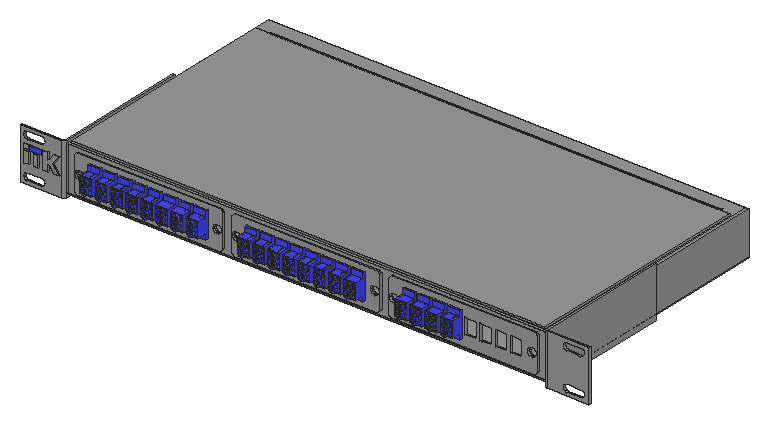
Revit family "ITK_Кросс оптический_Стоечный_1U_IP22", category Обобщенные модели, Revit 2019 (continued)
Dimensions and locks
  aligned and locked: Revolve 32 to Revolve 33
  aligned and locked: Revolve 36 to Revolve 37
  aligned and locked: Revolve 40 to Revolve 41
  aligned and locked: Revolve 44 to Revolve 45
  aligned and locked: Revolve 48 to Revolve 49
  aligned and locked: Revolve 52 to Revolve 53
  aligned and locked: Revolve 56 to Revolve 57
  aligned and locked: Revolve 60 to Revolve 61
  aligned and locked: Revolve 64 to Revolve 65
  aligned and locked: Revolve 68 to Revolve 69
  aligned and locked: Revolve 72 to Revolve 73
  aligned and locked: Revolve 76 to Revolve 77
  aligned and locked: Revolve 80 to Revolve 81
  aligned and locked: Revolve 84 to Revolve 85
  aligned and locked: Revolve 88 to Revolve 89
  aligned and locked: Revolve 92 to Revolve 93
  aligned and locked: Revolve 96 to Revolve 97
  aligned and locked: Revolve 100 to Revolve 101
  aligned and locked: Revolve 104 to Revolve 105
  aligned and locked: Revolve 108 to Revolve 109
  aligned and locked: Revolve 112 to Revolve 113
Types (67, lengths in mm): name | Панель-заглушка первая | Панель-заглушка вторая | Панель для адаптеров третья | Панель для адаптеров вторая | Материал адаптера | IEK_Цена за единицу | IEK_URL | ADSK_Наименование | ADSK_Код изделия | 8 адаптеров | 6 адаптеров | 24 адаптера | 20 адаптеров | 16 адаптеров | 12 адаптеров
  FOBX24-1U-12LCUD03 | no | yes | no | yes | Пластик бежевый | 10446.35 | "https://www.itk-group.ru/produktsiya/catalog/oborudovanie_telekommunikatsionnoe/komponenty_sks_opticheskie/komponenty_sks_opticheskie/opticheskie_krossy_19_ukomplektovannye/itk_1u_opticheskiy_raspredelitelnyy_kross_ukomplektovannyy_lc_duplex_12sht_om3" | "ITK 1U Оптический распределительный кросс укомплектованный: LC (duplex) 12шт;  (OM3)" | "FOBX24-1U-12LCUD03" | yes | yes | no | no | no | yes
  FOBX24-1U-12LCUD04 | no | yes | no | yes | Пластик бежевый | 11528.26 | "https://www.itk-group.ru/produktsiya/catalog/oborudovanie_telekommunikatsionnoe/komponenty_sks_opticheskie/komponenty_sks_opticheskie/opticheskie_krossy_19_ukomplektovannye/itk_1u_opticheskiy_raspredelitelnyy_kross_ukomplektovannyy_lc_duplex_12sht_om4" | "ITK 1U Оптический распределительный кросс укомплектованный: LC (duplex) 12шт;  (OM4)" | "FOBX24-1U-12LCUD04" | yes | yes | no | no | no | yes
  FOBX24-1U-12LCUD09 | no | yes | no | yes | Пластик синий | 7809.34 | "https://www.itk-group.ru/produktsiya/catalog/oborudovanie_telekommunikatsionnoe/komponenty_sks_opticheskie/komponenty_sks_opticheskie/opticheskie_krossy_19_ukomplektovannye/itk_1u_opticheskiy_raspredelitelnyy_kross_ukomplektovannyy_lc_duplex_12sht_os2" | "ITK 1U Оптический распределительный кросс укомплектованный: LC (duplex) 12шт;  (OS2)" | "FOBX24-1U-12LCUD09" | yes | yes | no | no | no | yes
  FOBX24-1U-12LCUD50 | no | yes | no | yes | Пластик бежевый | 9407.5 | "https://www.itk-group.ru/produktsiya/catalog/oborudovanie_telekommunikatsionnoe/komponenty_sks_opticheskie/komponenty_sks_opticheskie/opticheskie_krossy_19_ukomplektovannye/itk_1u_opticheskiy_raspredelitelnyy_kross_ukomplektovannyy_lc_duplex_12sht_om2" | "ITK 1U Оптический распределительный кросс укомплектованный: LC (duplex) 12шт;  (OM2)" | "FOBX24-1U-12LCUD50" | yes | yes | no | no | no | yes
  FOBX24-1U-12SCUD02 | no | yes | no | yes | Пластик бежевый | 2613.58 | "https://www.itk-group.ru/produktsiya/catalog/oborudovanie_telekommunikatsionnoe/komponenty_sks_opticheskie/komponenty_sks_opticheskie/opticheskie_krossy_19_ukomplektovannye/itk_1u_opticheskiy_raspredelitelnyy_kross_ukomplektovannyy_sc_duplex_12sht_om3" | "ITK 1U Оптический распределительный кросс укомплектованный: SC (duplex) 12шт;  (OM3)" | "FOBX24-1U-12SCUD02" | yes | yes | no | no | no | yes
  FOBX24-1U-12SCUD04 | no | yes | no | yes | Пластик бежевый | 9397.8 | "https://www.itk-group.ru/produktsiya/catalog/oborudovanie_telekommunikatsionnoe/komponenty_sks_opticheskie/komponenty_sks_opticheskie/opticheskie_krossy_19_ukomplektovannye/itk_1u_opticheskiy_raspredelitelnyy_kross_ukomplektovannyy_sc_duplex_12sht_om4" | "ITK 1U Оптический распределительный кросс укомплектованный: SC (duplex) 12шт;  (OM4)" | "FOBX24-1U-12SCUD04" | yes | yes | no | no | no | yes
  FOBX24-1U-12SCUD09 | no | yes | no | yes | Пластик синий | 7391.1 | "https://www.itk-group.ru/produktsiya/catalog/oborudovanie_telekommunikatsionnoe/komponenty_sks_opticheskie/komponenty_sks_opticheskie/opticheskie_krossy_19_ukomplektovannye/itk_1u_opticheskiy_raspredelitelnyy_kross_ukomplektovannyy_sc_duplex_12sht_os2" | "ITK 1U Оптический распределительный кросс укомплектованный: SC (duplex) 12шт;  (OS2)" | "FOBX24-1U-12SCUD09" | yes | yes | no | no | no | yes
  FOBX24-1U-12SCUD50 | no | yes | no | yes | Пластик бежевый | 7325.78 | "https://www.itk-group.ru/produktsiya/catalog/oborudovanie_telekommunikatsionnoe/komponenty_sks_opticheskie/komponenty_sks_opticheskie/opticheskie_krossy_19_ukomplektovannye/itk_1u_opticheskiy_raspredelitelnyy_kross_ukomplektovannyy_sc_duplex_12sht_om2" | "ITK 1U Оптический распределительный кросс укомплектованный: SC (duplex) 12шт;  (OM2)" | "FOBX24-1U-12SCUD50" | yes | yes | no | no | no | yes
  FOBX24-1U-12SCUS03 | no | yes | no | yes | Пластик бежевый | 5091.1 | "https://www.itk-group.ru/produktsiya/catalog/oborudovanie_telekommunikatsionnoe/komponenty_sks_opticheskie/komponenty_sks_opticheskie/opticheskie_krossy_19_ukomplektovannye/itk_1u_opticheskiy_raspredelitelnyy_kross_ukomplektovannyy_sc_simplex_12sht_om3" | "ITK 1U Оптический распределительный кросс укомплектованный: SC (Simplex) 12шт;  (OM3)" | "FOBX24-1U-12SCUS03" | yes | yes | no | no | no | yes
  FOBX24-1U-12SCUS04 | no | yes | no | yes | Пластик бежевый | 5627.94 | "https://www.itk-group.ru/produktsiya/catalog/oborudovanie_telekommunikatsionnoe/komponenty_sks_opticheskie/komponenty_sks_opticheskie/opticheskie_krossy_19_ukomplektovannye/itk_1u_opticheskiy_raspredelitelnyy_kross_ukomplektovannyy_sc_simplex_12sht_om4" | "ITK 1U Оптический распределительный кросс укомплектованный: SC (Simplex) 12шт;  (OM4)" | "FOBX24-1U-12SCUS04" | yes | yes | no | no | no | yes
  FOBX24-1U-12SCUS09 | no | yes | no | yes | Пластик синий | 4429.12 | "https://www.itk-group.ru/produktsiya/catalog/oborudovanie_telekommunikatsionnoe/komponenty_sks_opticheskie/komponenty_sks_opticheskie/opticheskie_krossy_19_ukomplektovannye/itk_1u_opticheskiy_raspredelitelnyy_kross_ukomplektovannyy_sc_simplex_12sht_os2" | "ITK 1U Оптический распределительный кросс укомплектованный: SC (Simplex) 12шт;  (OS2)" | "FOBX24-1U-12SCUS09" | yes | yes | no | no | no | yes
  FOBX24-1U-16LCUD03 | no | yes | no | yes | Пластик бежевый | 11465.18 | "https://www.itk-group.ru/produktsiya/catalog/oborudovanie_telekommunikatsionnoe/komponenty_sks_opticheskie/komponenty_sks_opticheskie/opticheskie_krossy_19_ukomplektovannye/itk_1u_opticheskiy_raspredelitelnyy_kross_ukomplektovannyy_lc_duplex_16sht_om3" | "ITK 1U Оптический распределительный кросс укомплектованный: LC (duplex) 16шт;  (OM3)" | "FOBX24-1U-16LCUD03" | yes | yes | no | no | yes | yes
  FOBX24-1U-16LCUD04 | no | yes | no | yes | Пластик бежевый | 13557.83 | "https://www.itk-group.ru/produktsiya/catalog/oborudovanie_telekommunikatsionnoe/komponenty_sks_opticheskie/komponenty_sks_opticheskie/opticheskie_krossy_19_ukomplektovannye/itk_1u_opticheskiy_raspredelitelnyy_kross_ukomplektovannyy_lc_duplex_16sht_om4" | "ITK 1U Оптический распределительный кросс укомплектованный: LC (duplex) 16шт;  (OM4)" | "FOBX24-1U-16LCUD04" | yes | yes | no | no | yes | yes
  FOBX24-1U-16LCUD09 | no | yes | no | yes | Пластик синий | 9822.38 | "https://www.itk-group.ru/produktsiya/catalog/oborudovanie_telekommunikatsionnoe/komponenty_sks_opticheskie/komponenty_sks_opticheskie/opticheskie_krossy_19_ukomplektovannye/itk_1u_opticheskiy_raspredelitelnyy_kross_ukomplektovannyy_lc_duplex_16sht_os2" | "ITK 1U Оптический распределительный кросс укомплектованный: LC (duplex) 16шт;  (OS2)" | "FOBX24-1U-16LCUD09" | yes | yes | no | no | yes | yes
  FOBX24-1U-16LCUD50 | no | yes | no | yes | Пластик бежевый | 9969.71 | "https://www.itk-group.ru/produktsiya/catalog/oborudovanie_telekommunikatsionnoe/komponenty_sks_opticheskie/komponenty_sks_opticheskie/opticheskie_krossy_19_ukomplektovannye/itk_1u_opticheskiy_raspredelitelnyy_kross_ukomplektovannyy_lc_duplex_16sht_om2" | "ITK 1U Оптический распределительный кросс укомплектованный: LC (duplex) 16шт;  (OM2)" | "FOBX24-1U-16LCUD50" | yes | yes | no | no | yes | yes
  FOBX24-1U-16SCUS03 | no | yes | no | yes | Пластик бежевый | 6186.55 | "https://www.itk-group.ru/produktsiya/catalog/oborudovanie_telekommunikatsionnoe/komponenty_sks_opticheskie/komponenty_sks_opticheskie/opticheskie_krossy_19_ukomplektovannye/itk_1u_opticheskiy_raspredelitelnyy_kross_ukomplektovannyy_sc_simplex_16sht_om3" | "ITK 1U Оптический распределительный кросс укомплектованный: SC (Simplex) 16шт;  (OM3)" | "FOBX24-1U-16SCUS03" | yes | yes | no | no | yes | yes
  FOBX24-1U-16SCUS04 | no | yes | no | yes | Пластик бежевый | 6902.41 | "https://www.itk-group.ru/produktsiya/catalog/oborudovanie_telekommunikatsionnoe/komponenty_sks_opticheskie/komponenty_sks_opticheskie/opticheskie_krossy_19_ukomplektovannye/itk_1u_opticheskiy_raspredelitelnyy_kross_ukomplektovannyy_sc_simplex_16sht_om4" | "ITK 1U Оптический распределительный кросс укомплектованный: SC (Simplex) 16шт;  (OM4)" | "FOBX24-1U-16SCUS04" | yes | yes | no | no | yes | yes
  FOBX24-1U-16SCUS09 | no | yes | no | yes | Пластик синий | 5022.71 | "https://www.itk-group.ru/produktsiya/catalog/oborudovanie_telekommunikatsionnoe/komponenty_sks_opticheskie/komponenty_sks_opticheskie/opticheskie_krossy_19_ukomplektovannye/itk_1u_opticheskiy_raspredelitelnyy_kross_ukomplektovannyy_sc_simplex_16sht_os2" | "ITK 1U Оптический распределительный кросс укомплектованный: SC (Simplex) 16шт;  (OS2)" | "FOBX24-1U-16SCUS09" | yes | yes | no | no | yes | yes
  FOBX24-1U-16SCUS50 | no | yes | no | yes | Пластик бежевый | 5288.54 | "https://www.itk-group.ru/produktsiya/catalog/oborudovanie_telekommunikatsionnoe/komponenty_sks_opticheskie/komponenty_sks_opticheskie/opticheskie_krossy_19_ukomplektovannye/itk_1u_opticheskiy_raspredelitelnyy_kross_ukomplektovannyy_sc_simplex_16sht_om2" | "ITK 1U Оптический распределительный кросс укомплектованный: SC (Simplex) 16шт;  (OM2)" | "FOBX24-1U-16SCUS50" | yes | yes | no | no | yes | yes
  FOBX24-1U-20LCUD03 | no | no | yes | yes | Пластик бежевый | 16660.79 | "https://www.itk-group.ru/produktsiya/catalog/oborudovanie_telekommunikatsionnoe/komponenty_sks_opticheskie/komponenty_sks_opticheskie/opticheskie_krossy_19_ukomplektovannye/itk_1u_opticheskiy_raspredelitelnyy_kross_ukomplektovannyy_lc_duplex_20sht_om3" | "ITK 1U Оптический распределительный кросс укомплектованный: LC (duplex) 20шт;  (OM3)" | "FOBX24-1U-20LCUD03" | yes | yes | no | yes | yes | yes
  FOBX24-1U-20LCUD04 | no | no | yes | yes | Пластик бежевый | 18602.11 | "https://www.itk-group.ru/produktsiya/catalog/oborudovanie_telekommunikatsionnoe/komponenty_sks_opticheskie/komponenty_sks_opticheskie/opticheskie_krossy_19_ukomplektovannye/itk_1u_opticheskiy_raspredelitelnyy_kross_ukomplektovannyy_lc_duplex_20sht_om4" | "ITK 1U Оптический распределительный кросс укомплектованный: LC (duplex) 20шт;  (OM4)" | "FOBX24-1U-20LCUD04" | yes | yes | no | yes | yes | yes
  FOBX24-1U-20LCUD09 | no | no | yes | yes | Пластик синий | 15174.78 | "https://www.itk-group.ru/produktsiya/catalog/oborudovanie_telekommunikatsionnoe/komponenty_sks_opticheskie/komponenty_sks_opticheskie/opticheskie_krossy_19_ukomplektovannye/itk_1u_opticheskiy_raspredelitelnyy_kross_ukomplektovannyy_lc_duplex_20sht_os2" | "ITK 1U Оптический распределительный кросс укомплектованный: LC (duplex) 20шт;  (OS2)" | "FOBX24-1U-20LCUD09" | yes | yes | no | yes | yes | yes
  FOBX24-1U-20LCUD50 | no | no | yes | yes | Пластик бежевый | 14859.12 | "https://www.itk-group.ru/produktsiya/catalog/oborudovanie_telekommunikatsionnoe/komponenty_sks_opticheskie/komponenty_sks_opticheskie/opticheskie_krossy_19_ukomplektovannye/itk_1u_opticheskiy_raspredelitelnyy_kross_ukomplektovannyy_lc_duplex_20sht_om2" | "ITK 1U Оптический распределительный кросс укомплектованный: LC (duplex) 20шт;  (OM2)" | "FOBX24-1U-20LCUD50" | yes | yes | no | yes | yes | yes
  FOBX24-1U-20SCUS03 | no | no | yes | yes | Пластик бежевый | 7282.03 | "https://www.itk-group.ru/produktsiya/catalog/oborudovanie_telekommunikatsionnoe/komponenty_sks_opticheskie/komponenty_sks_opticheskie/opticheskie_krossy_19_ukomplektovannye/itk_1u_opticheskiy_raspredelitelnyy_kross_ukomplektovannyy_sc_simplex_20sht_om3" | "ITK 1U Оптический распределительный кросс укомплектованный: SC (Simplex) 20шт;  (OM3)" | "FOBX24-1U-20SCUS03" | yes | yes | no | yes | yes | yes
  FOBX24-1U-20SCUS04 | no | no | yes | yes | Пластик бежевый | 8176.9 | "https://www.itk-group.ru/produktsiya/catalog/oborudovanie_telekommunikatsionnoe/komponenty_sks_opticheskie/komponenty_sks_opticheskie/opticheskie_krossy_19_ukomplektovannye/itk_1u_opticheskiy_raspredelitelnyy_kross_ukomplektovannyy_sc_simplex_20sht_om4" | "ITK 1U Оптический распределительный кросс укомплектованный: SC (Simplex) 20шт;  (OM4)" | "FOBX24-1U-20SCUS04" | yes | yes | no | yes | yes | yes
  FOBX24-1U-20SCUS09 | no | no | yes | yes | Пластик синий | 6004.39 | "https://www.itk-group.ru/produktsiya/catalog/oborudovanie_telekommunikatsionnoe/komponenty_sks_opticheskie/komponenty_sks_opticheskie/opticheskie_krossy_19_ukomplektovannye/itk_1u_opticheskiy_raspredelitelnyy_kross_ukomplektovannyy_sc_simplex_20sht_os2" | "ITK 1U Оптический распределительный кросс укомплектованный: SC (Simplex) 20шт;  (OS2)" | "FOBX24-1U-20SCUS09" | yes | yes | no | yes | yes | yes
  FOBX24-1U-20SCUS50 | no | no | yes | yes | Пластик бежевый | 6159.53 | "https://www.itk-group.ru/produktsiya/catalog/oborudovanie_telekommunikatsionnoe/komponenty_sks_opticheskie/komponenty_sks_opticheskie/opticheskie_krossy_19_ukomplektovannye/itk_1u_opticheskiy_raspredelitelnyy_kross_ukomplektovannyy_sc_simplex_20sht_om2" | "ITK 1U Оптический распределительный кросс укомплектованный: SC (Simplex) 20шт;  (OM2)" | "FOBX24-1U-20SCUS50" | yes | yes | no | yes | yes | yes
  FOBX24-1U-24LCUD03 | no | no | yes | yes | Пластик бежевый | 22803.38 | "https://www.itk-group.ru/produktsiya/catalog/oborudovanie_telekommunikatsionnoe/komponenty_sks_opticheskie/komponenty_sks_opticheskie/opticheskie_krossy_19_ukomplektovannye/itk_1u_opticheskiy_raspredelitelnyy_kross_ukomplektovannyy_lc_duplex_24sht_om3" | "ITK 1U Оптический распределительный кросс укомплектованный: LC (duplex) 24шт;  (OM3)" | "FOBX24-1U-24LCUD03" | yes | yes | yes | yes | yes | yes
  FOBX24-1U-24LCUD04 | no | no | yes | yes | Пластик бежевый | 24557.5 | "https://www.itk-group.ru/produktsiya/catalog/oborudovanie_telekommunikatsionnoe/komponenty_sks_opticheskie/komponenty_sks_opticheskie/opticheskie_krossy_19_ukomplektovannye/itk_1u_opticheskiy_raspredelitelnyy_kross_ukomplektovannyy_lc_duplex_24sht_om4" | "ITK 1U Оптический распределительный кросс укомплектованный: LC (duplex) 24шт;  (OM4)" | "FOBX24-1U-24LCUD04" | yes | yes | yes | yes | yes | yes
  FOBX24-1U-24LCUD09 | no | no | yes | yes | Пластик синий | 20231.89 | "https://www.itk-group.ru/produktsiya/catalog/oborudovanie_telekommunikatsionnoe/komponenty_sks_opticheskie/komponenty_sks_opticheskie/opticheskie_krossy_19_ukomplektovannye/itk_1u_opticheskiy_raspredelitelnyy_kross_ukomplektovannyy_lc_duplex_24sht_os2" | "ITK 1U Оптический распределительный кросс укомплектованный: LC (duplex) 24шт;  (OS2)" | "FOBX24-1U-24LCUD09" | yes | yes | yes | yes | yes | yes
  FOBX24-1U-24LCUD50 | no | no | yes | yes | Пластик бежевый | 20063.28 | "https://www.itk-group.ru/produktsiya/catalog/oborudovanie_telekommunikatsionnoe/komponenty_sks_opticheskie/komponenty_sks_opticheskie/opticheskie_krossy_19_ukomplektovannye/itk_1u_opticheskiy_raspredelitelnyy_kross_ukomplektovannyy_lc_duplex_24sht_om2" | "ITK 1U Оптический распределительный кросс укомплектованный: LC (duplex) 24шт;  (OM2)" | "FOBX24-1U-24LCUD50" | yes | yes | yes | yes | yes | yes
  FOBX24-1U-24SCUS03 | no | no | yes | yes | Пластик бежевый | 8377.54 | "https://www.itk-group.ru/produktsiya/catalog/oborudovanie_telekommunikatsionnoe/komponenty_sks_opticheskie/komponenty_sks_opticheskie/opticheskie_krossy_19_ukomplektovannye/itk_1u_opticheskiy_raspredelitelnyy_kross_ukomplektovannyy_sc_simplex_24sht_om3" | "ITK 1U Оптический распределительный кросс укомплектованный: SC (Simplex) 24шт;  (OM3)" | "FOBX24-1U-24SCUS03" | yes | yes | yes | yes | yes | yes
  FOBX24-1U-24SCUS04 | no | no | yes | yes | Пластик бежевый | 9451.33 | "https://www.itk-group.ru/produktsiya/catalog/oborudovanie_telekommunikatsionnoe/komponenty_sks_opticheskie/komponenty_sks_opticheskie/opticheskie_krossy_19_ukomplektovannye/itk_1u_opticheskiy_raspredelitelnyy_kross_ukomplektovannyy_sc_simplex_24sht_om4" | "ITK 1U Оптический распределительный кросс укомплектованный: SC (Simplex) 24шт;  (OM4)" | "FOBX24-1U-24SCUS04" | yes | yes | yes | yes | yes | yes
  FOBX24-1U-24SCUS09 | no | no | yes | yes | Пластик синий | 7256.72 | "https://www.itk-group.ru/produktsiya/catalog/oborudovanie_telekommunikatsionnoe/komponenty_sks_opticheskie/komponenty_sks_opticheskie/opticheskie_krossy_19_ukomplektovannye/itk_1u_opticheskiy_raspredelitelnyy_kross_ukomplektovannyy_sc_simplex_24sht_os2" | "ITK 1U Оптический распределительный кросс укомплектованный: SC (Simplex) 24шт;  (OS2)" | "FOBX24-1U-24SCUS09" | yes | yes | yes | yes | yes | yes
  FOBX24-1U-24SCUS50 | no | no | yes | yes | Пластик бежевый | 7241.44 | "https://www.itk-group.ru/produktsiya/catalog/oborudovanie_telekommunikatsionnoe/komponenty_sks_opticheskie/komponenty_sks_opticheskie/opticheskie_krossy_19_ukomplektovannye/itk_1u_opticheskiy_raspredelitelnyy_kross_ukomplektovannyy_sc_simplex_24sht_om2" | "ITK 1U Оптический распределительный кросс укомплектованный: SC (Simplex) 24шт;  (OM2)" | "FOBX24-1U-24SCUS50" | yes | yes | yes | yes | yes | yes
  FOBX24-1U-4LCUD03 | yes | yes | no | no | Пластик бежевый | 5073.68 | "https://www.itk-group.ru/produktsiya/catalog/oborudovanie_telekommunikatsionnoe/komponenty_sks_opticheskie/komponenty_sks_opticheskie/opticheskie_krossy_19_ukomplektovannye/itk_1u_opticheskiy_raspredelitelnyy_kross_ukomplektovannyy_lc_duplex_4sht_om3" | "ITK 1U Оптический распределительный кросс укомплектованный: LC (duplex) 4шт;  (OM3)" | "FOBX24-1U-4LCUD03" | no | no | no | no | no | no
  FOBX24-1U-4LCUD04 | yes | yes | no | no | Пластик бежевый | 5383.6 | "https://www.itk-group.ru/produktsiya/catalog/oborudovanie_telekommunikatsionnoe/komponenty_sks_opticheskie/komponenty_sks_opticheskie/opticheskie_krossy_19_ukomplektovannye/itk_1u_opticheskiy_raspredelitelnyy_kross_ukomplektovannyy_lc_duplex_4sht_om4" | "ITK 1U Оптический распределительный кросс укомплектованный: LC (duplex) 4шт;  (OM4)" | "FOBX24-1U-4LCUD04" | no | no | no | no | no | no
  FOBX24-1U-4LCUD09 | yes | yes | no | no | Пластик синий | 4647.73 | "https://www.itk-group.ru/produktsiya/catalog/oborudovanie_telekommunikatsionnoe/komponenty_sks_opticheskie/komponenty_sks_opticheskie/opticheskie_krossy_19_ukomplektovannye/itk_1u_opticheskiy_raspredelitelnyy_kross_ukomplektovannyy_lc_duplex_4sht_os2" | "ITK 1U Оптический распределительный кросс укомплектованный: LC (duplex) 4шт;  (OS2)" | "FOBX24-1U-4LCUD09" | no | no | no | no | no | no
  FOBX24-1U-4LCUD50 | yes | yes | no | no | Пластик бежевый | 4659.64 | "https://www.itk-group.ru/produktsiya/catalog/oborudovanie_telekommunikatsionnoe/komponenty_sks_opticheskie/komponenty_sks_opticheskie/opticheskie_krossy_19_ukomplektovannye/itk_1u_opticheskiy_raspredelitelnyy_kross_ukomplektovannyy_lc_duplex_4sht_om2" | "ITK 1U Оптический распределительный кросс укомплектованный: LC (duplex) 4шт;  (OM2)" | "FOBX24-1U-4LCUD50" | no | no | no | no | no | no
  FOBX24-1U-4SCUD03 | yes | yes | no | no | Пластик бежевый | 3977.74 | "https://www.itk-group.ru/produktsiya/catalog/oborudovanie_telekommunikatsionnoe/komponenty_sks_opticheskie/komponenty_sks_opticheskie/opticheskie_krossy_19_ukomplektovannye/itk_1u_opticheskiy_raspredelitelnyy_kross_ukomplektovannyy_sc_duplex_4sht_om3" | "ITK 1U Оптический распределительный кросс укомплектованный: SC (duplex) 4шт;  (OM3)" | "FOBX24-1U-4SCUD03" | no | no | no | no | no | no
  FOBX24-1U-4SCUD04 | yes | yes | no | no | Пластик бежевый | 4335.7 | "https://www.itk-group.ru/produktsiya/catalog/oborudovanie_telekommunikatsionnoe/komponenty_sks_opticheskie/komponenty_sks_opticheskie/opticheskie_krossy_19_ukomplektovannye/itk_1u_opticheskiy_raspredelitelnyy_kross_ukomplektovannyy_sc_duplex_4sht_om4" | "ITK 1U Оптический распределительный кросс укомплектованный: SC (duplex) 4шт;  (OM4)" | "FOBX24-1U-4SCUD04" | no | no | no | no | no | no
  FOBX24-1U-4SCUD09 | yes | yes | no | no | Пластик синий | 3403.99 | "https://www.itk-group.ru/produktsiya/catalog/oborudovanie_telekommunikatsionnoe/komponenty_sks_opticheskie/komponenty_sks_opticheskie/opticheskie_krossy_19_ukomplektovannye/itk_1u_opticheskiy_raspredelitelnyy_kross_ukomplektovannyy_sc_duplex_4sht_os2" | "ITK 1U Оптический распределительный кросс укомплектованный: SC (duplex) 4шт;  (OS2)" | "FOBX24-1U-4SCUD09" | no | no | no | no | no | no
  FOBX24-1U-4SCUD50 | yes | yes | no | no | Пластик бежевый | 3528.73 | "https://www.itk-group.ru/produktsiya/catalog/oborudovanie_telekommunikatsionnoe/komponenty_sks_opticheskie/komponenty_sks_opticheskie/opticheskie_krossy_19_ukomplektovannye/itk_1u_opticheskiy_raspredelitelnyy_kross_ukomplektovannyy_sc_duplex_4sht_om2" | "ITK 1U Оптический распределительный кросс укомплектованный: SC (duplex) 4шт;  (OM2)" | "FOBX24-1U-4SCUD50" | no | no | no | no | no | no
  FOBX24-1U-4SCUS03 | yes | yes | no | no | Пластик бежевый | 2914.21 | "https://www.itk-group.ru/produktsiya/catalog/oborudovanie_telekommunikatsionnoe/komponenty_sks_opticheskie/komponenty_sks_opticheskie/opticheskie_krossy_19_ukomplektovannye/itk_1u_opticheskiy_raspredelitelnyy_kross_ukomplektovannyy_sc_simplex_4sht_om3" | "ITK 1U Оптический распределительный кросс укомплектованный: SC (Simplex) 4шт;  (OM3)" | "FOBX24-1U-4SCUS03" | no | no | no | no | no | no
  FOBX24-1U-4SCUS04 | yes | yes | no | no | Пластик бежевый | 3079.06 | "https://www.itk-group.ru/produktsiya/catalog/oborudovanie_telekommunikatsionnoe/komponenty_sks_opticheskie/komponenty_sks_opticheskie/opticheskie_krossy_19_ukomplektovannye/itk_1u_opticheskiy_raspredelitelnyy_kross_ukomplektovannyy_sc_simplex_4sht_om4" | "ITK 1U Оптический распределительный кросс укомплектованный: SC (Simplex) 4шт;  (OM4)" | "FOBX24-1U-4SCUS04" | no | no | no | no | no | no
  FOBX24-1U-4SCUS09 | yes | yes | no | no | Пластик синий | 2421.2 | "https://www.itk-group.ru/produktsiya/catalog/oborudovanie_telekommunikatsionnoe/komponenty_sks_opticheskie/komponenty_sks_opticheskie/opticheskie_krossy_19_ukomplektovannye/itk_1u_opticheskiy_raspredelitelnyy_kross_ukomplektovannyy_sc_simplex_4sht_os2" | "ITK 1U Оптический распределительный кросс укомплектованный: SC (Simplex) 4шт;  (OS2)" | "FOBX24-1U-4SCUS09" | no | no | no | no | no | no
  FOBX24-1U-4SCUS50 | yes | yes | no | no | Пластик бежевый | 2675.6 | "https://www.itk-group.ru/produktsiya/catalog/oborudovanie_telekommunikatsionnoe/komponenty_sks_opticheskie/komponenty_sks_opticheskie/opticheskie_krossy_19_ukomplektovannye/itk_1u_opticheskiy_raspredelitelnyy_kross_ukomplektovannyy_sc_simplex_4sht_om2" | "ITK 1U Оптический распределительный кросс укомплектованный: SC (Simplex) 4шт;  (OM2)" | "FOBX24-1U-4SCUS50" | no | no | no | no | no | no
  FOBX24-1U-6LCUD03 | yes | yes | no | no | Пластик бежевый | 6633.95 | "https://www.itk-group.ru/produktsiya/catalog/oborudovanie_telekommunikatsionnoe/komponenty_sks_opticheskie/komponenty_sks_opticheskie/opticheskie_krossy_19_ukomplektovannye/itk_1u_opticheskiy_raspredelitelnyy_kross_ukomplektovannyy_lc_duplex_6sht_om3" | "ITK 1U Оптический распределительный кросс укомплектованный: LC (duplex) 6шт;  (OM3)" | "FOBX24-1U-6LCUD03" | no | yes | no | no | no | no
  FOBX24-1U-6LCUD04 | yes | yes | no | no | Пластик бежевый | 7244.28 | "https://www.itk-group.ru/produktsiya/catalog/oborudovanie_telekommunikatsionnoe/komponenty_sks_opticheskie/komponenty_sks_opticheskie/opticheskie_krossy_19_ukomplektovannye/itk_1u_opticheskiy_raspredelitelnyy_kross_ukomplektovannyy_lc_duplex_6sht_om4" | "ITK 1U Оптический распределительный кросс укомплектованный: LC (duplex) 6шт;  (OM4)" | "FOBX24-1U-6LCUD04" | no | yes | no | no | no | no
  FOBX24-1U-6LCUD09 | yes | yes | no | no | Пластик синий | 6083.04 | "https://www.itk-group.ru/produktsiya/catalog/oborudovanie_telekommunikatsionnoe/komponenty_sks_opticheskie/komponenty_sks_opticheskie/opticheskie_krossy_19_ukomplektovannye/itk_1u_opticheskiy_raspredelitelnyy_kross_ukomplektovannyy_lc_duplex_6sht_os2" | "ITK 1U Оптический распределительный кросс укомплектованный: LC (duplex) 6шт;  (OS2)" | "FOBX24-1U-6LCUD09" | no | yes | no | no | no | no
  FOBX24-1U-6LCUD50 | yes | yes | no | no | Пластик бежевый | 6225.56 | "https://www.itk-group.ru/produktsiya/catalog/oborudovanie_telekommunikatsionnoe/komponenty_sks_opticheskie/komponenty_sks_opticheskie/opticheskie_krossy_19_ukomplektovannye/itk_1u_opticheskiy_raspredelitelnyy_kross_ukomplektovannyy_lc_duplex_6sht_om2" | "ITK 1U Оптический распределительный кросс укомплектованный: LC (duplex) 6шт;  (OM2)" | "FOBX24-1U-6LCUD50" | no | yes | no | no | no | no
  FOBX24-1U-6SCUS03 | yes | yes | no | no | Пластик бежевый | 3447.82 | "https://www.itk-group.ru/produktsiya/catalog/oborudovanie_telekommunikatsionnoe/komponenty_sks_opticheskie/komponenty_sks_opticheskie/opticheskie_krossy_19_ukomplektovannye/itk_1u_opticheskiy_raspredelitelnyy_kross_ukomplektovannyy_sc_simplex_6sht_om3" | "ITK 1U Оптический распределительный кросс укомплектованный: SC (Simplex) 6шт;  (OM3)" | "FOBX24-1U-6SCUS03" | no | yes | no | no | no | no
  FOBX24-1U-6SCUS04 | yes | yes | no | no | Пластик бежевый | 3716.33 | "https://www.itk-group.ru/produktsiya/catalog/oborudovanie_telekommunikatsionnoe/komponenty_sks_opticheskie/komponenty_sks_opticheskie/opticheskie_krossy_19_ukomplektovannye/itk_1u_opticheskiy_raspredelitelnyy_kross_ukomplektovannyy_sc_simplex_6sht_om4" | "ITK 1U Оптический распределительный кросс укомплектованный: SC (Simplex) 6шт;  (OM4)" | "FOBX24-1U-6SCUS04" | no | yes | no | no | no | no
  FOBX24-1U-6SCUS09 | yes | yes | no | no | Пластик синий | 2920.58 | "https://www.itk-group.ru/produktsiya/catalog/oborudovanie_telekommunikatsionnoe/komponenty_sks_opticheskie/komponenty_sks_opticheskie/opticheskie_krossy_19_ukomplektovannye/itk_1u_opticheskiy_raspredelitelnyy_kross_ukomplektovannyy_sc_simplex_6sht_os2" | "ITK 1U Оптический распределительный кросс укомплектованный: SC (Simplex) 6шт;  (OS2)" | "FOBX24-1U-6SCUS09" | no | yes | no | no | no | no
  FOBX24-1U-6SCUS50 | yes | yes | no | no | Пластик бежевый | 3111.1 | "https://www.itk-group.ru/produktsiya/catalog/oborudovanie_telekommunikatsionnoe/komponenty_sks_opticheskie/komponenty_sks_opticheskie/opticheskie_krossy_19_ukomplektovannye/itk_1u_opticheskiy_raspredelitelnyy_kross_ukomplektovannyy_sc_simplex_6sht_om2" | "ITK 1U Оптический распределительный кросс укомплектованный: SC (Simplex) 6шт;  (OM2)" | "FOBX24-1U-6SCUS50" | no | yes | no | no | no | no
  FOBX24-1U-8LCUD03 | yes | yes | no | no | Пластик бежевый | 8649.44 | "https://www.itk-group.ru/produktsiya/catalog/oborudovanie_telekommunikatsionnoe/komponenty_sks_opticheskie/komponenty_sks_opticheskie/opticheskie_krossy_19_ukomplektovannye/itk_1u_opticheskiy_raspredelitelnyy_kross_ukomplektovannyy_lc_duplex_8sht_om3" | "ITK 1U Оптический распределительный кросс укомплектованный: LC (duplex) 8шт;  (OM3)" | "FOBX24-1U-8LCUD03" | yes | yes | no | no | no | no
  FOBX24-1U-8LCUD04 | yes | yes | no | no | Пластик бежевый | 9163.63 | "https://www.itk-group.ru/produktsiya/catalog/oborudovanie_telekommunikatsionnoe/komponenty_sks_opticheskie/komponenty_sks_opticheskie/opticheskie_krossy_19_ukomplektovannye/itk_1u_opticheskiy_raspredelitelnyy_kross_ukomplektovannyy_lc_duplex_8sht_om4" | "ITK 1U Оптический распределительный кросс укомплектованный: LC (duplex) 8шт;  (OM4)" | "FOBX24-1U-8LCUD04" | yes | yes | no | no | no | no
  FOBX24-1U-8LCUD09 | yes | yes | no | no | Пластик синий | 7825.02 | "https://www.itk-group.ru/produktsiya/catalog/oborudovanie_telekommunikatsionnoe/komponenty_sks_opticheskie/komponenty_sks_opticheskie/opticheskie_krossy_19_ukomplektovannye/itk_1u_opticheskiy_raspredelitelnyy_kross_ukomplektovannyy_lc_duplex_8sht_os2" | "ITK 1U Оптический распределительный кросс укомплектованный: LC (duplex) 8шт;  (OS2)" | "FOBX24-1U-8LCUD09" | yes | yes | no | no | no | no
  FOBX24-1U-8LCUD50 | yes | yes | no | no | Пластик бежевый | 7835.15 | "https://www.itk-group.ru/produktsiya/catalog/oborudovanie_telekommunikatsionnoe/komponenty_sks_opticheskie/komponenty_sks_opticheskie/opticheskie_krossy_19_ukomplektovannye/itk_1u_opticheskiy_raspredelitelnyy_kross_ukomplektovannyy_lc_duplex_8sht_om2" | "ITK 1U Оптический распределительный кросс укомплектованный: LC (duplex) 8шт;  (OM2)" | "FOBX24-1U-8LCUD50" | yes | yes | no | no | no | no
  FOBX24-1U-8SCUD03 | yes | yes | no | no | Пластик бежевый | 6335.45 | "https://www.itk-group.ru/produktsiya/catalog/oborudovanie_telekommunikatsionnoe/komponenty_sks_opticheskie/komponenty_sks_opticheskie/opticheskie_krossy_19_ukomplektovannye/itk_1u_opticheskiy_raspredelitelnyy_kross_ukomplektovannyy_sc_duplex_8sht_om3" | "ITK 1U Оптический распределительный кросс укомплектованный: SC (duplex) 8шт;  (OM3)" | "FOBX24-1U-8SCUD03" | yes | yes | no | no | no | no
  FOBX24-1U-8SCUD04 | yes | yes | no | no | Пластик бежевый | 6866.74 | "https://www.itk-group.ru/produktsiya/catalog/oborudovanie_telekommunikatsionnoe/komponenty_sks_opticheskie/komponenty_sks_opticheskie/opticheskie_krossy_19_ukomplektovannye/itk_1u_opticheskiy_raspredelitelnyy_kross_ukomplektovannyy_sc_duplex_8sht_om4" | "ITK 1U Оптический распределительный кросс укомплектованный: SC (duplex) 8шт;  (OM4)" | "FOBX24-1U-8SCUD04" | yes | yes | no | no | no | no
  FOBX24-1U-8SCUD09 | yes | yes | no | no | Пластик синий | 5602.8 | "https://www.itk-group.ru/produktsiya/catalog/oborudovanie_telekommunikatsionnoe/komponenty_sks_opticheskie/komponenty_sks_opticheskie/opticheskie_krossy_19_ukomplektovannye/itk_1u_opticheskiy_raspredelitelnyy_kross_ukomplektovannyy_sc_duplex_8sht_os2" | "ITK 1U Оптический распределительный кросс укомплектованный: SC (duplex) 8шт;  (OS2)" | "FOBX24-1U-8SCUD09" | yes | yes | no | no | no | no
  FOBX24-1U-8SCUD50 | yes | yes | no | no | Пластик бежевый | 5620.54 | "https://www.itk-group.ru/produktsiya/catalog/oborudovanie_telekommunikatsionnoe/komponenty_sks_opticheskie/komponenty_sks_opticheskie/opticheskie_krossy_19_ukomplektovannye/itk_1u_opticheskiy_raspredelitelnyy_kross_ukomplektovannyy_sc_duplex_8sht_om2" | "ITK 1U Оптический распределительный кросс укомплектованный: SC (duplex) 8шт;  (OM2)" | "FOBX24-1U-8SCUD50" | yes | yes | no | no | no | no
  FOBX24-1U-8SCUS03 | yes | yes | no | no | Пластик бежевый | 3995.58 | "https://www.itk-group.ru/produktsiya/catalog/oborudovanie_telekommunikatsionnoe/komponenty_sks_opticheskie/komponenty_sks_opticheskie/opticheskie_krossy_19_ukomplektovannye/itk_1u_opticheskiy_raspredelitelnyy_kross_ukomplektovannyy_sc_simplex_8sht_om3" | "ITK 1U Оптический распределительный кросс укомплектованный: SC (Simplex) 8шт;  (OM3)" | "FOBX24-1U-8SCUS03" | yes | yes | no | no | no | no
  FOBX24-1U-8SCUS04 | yes | yes | no | no | Пластик бежевый | 4353.49 | "https://www.itk-group.ru/produktsiya/catalog/oborudovanie_telekommunikatsionnoe/komponenty_sks_opticheskie/komponenty_sks_opticheskie/opticheskie_krossy_19_ukomplektovannye/itk_1u_opticheskiy_raspredelitelnyy_kross_ukomplektovannyy_sc_simplex_8sht_om4" | "ITK 1U Оптический распределительный кросс укомплектованный: SC (Simplex) 8шт;  (OM4)" | "FOBX24-1U-8SCUS04" | yes | yes | no | no | no | no
  FOBX24-1U-8SCUS09 | yes | yes | no | no | Пластик синий | 3426.94 | "https://www.itk-group.ru/produktsiya/catalog/oborudovanie_telekommunikatsionnoe/komponenty_sks_opticheskie/komponenty_sks_opticheskie/opticheskie_krossy_19_ukomplektovannye/itk_1u_opticheskiy_raspredelitelnyy_kross_ukomplektovannyy_sc_simplex_8sht_os2" | "ITK 1U Оптический распределительный кросс укомплектованный: SC (Simplex) 8шт;  (OS2)" | "FOBX24-1U-8SCUS09" | yes | yes | no | no | no | no
  FOBX24-1U-8SCUS50 | yes | yes | no | no | Пластик бежевый | 3546.56 | "https://www.itk-group.ru/produktsiya/catalog/oborudovanie_telekommunikatsionnoe/komponenty_sks_opticheskie/komponenty_sks_opticheskie/opticheskie_krossy_19_ukomplektovannye/itk_1u_opticheskiy_raspredelitelnyy_kross_ukomplektovannyy_sc_simplex_8sht_om2" | "ITK 1U Оптический распределительный кросс укомплектованный: SC (Simplex) 8шт;  (OM2)" | "FOBX24-1U-8SCUS50" | yes | yes | no | no | no | no
